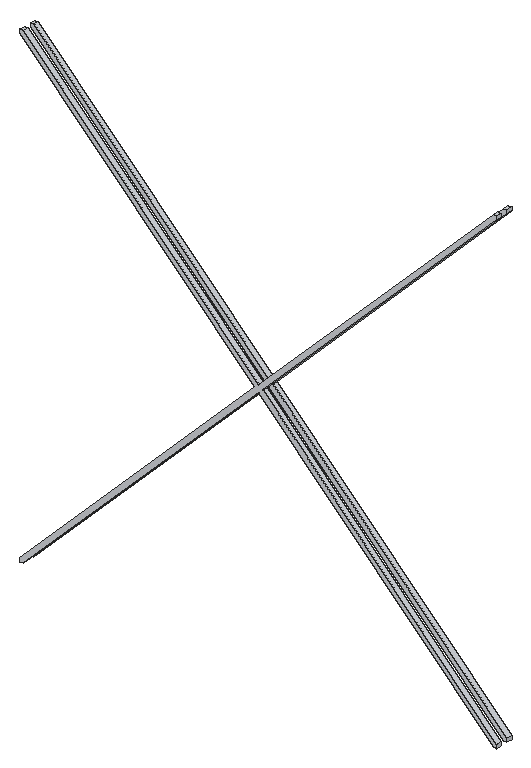
Revit family "M_Padrão do montante_diamante_1x1", category Modelos genéricos, Revit 2019
Family settings
  Pode hospedar o vergalhão = Não
  Cota do conector redondo = Utilizar diâmetro
  Tipo de parte = Normal
  Com base no plano de trabalho = Não
  Sempre na vertical = Sim
  Corte com vazios quando carregada = Não
  Compartilhado = Sim
  Ponto de cálculo do ambiente = Não
Parameters
  Largura [instance] = 1200 mm
  Espessura = 12.7 mm
  Altura [instance] = 1200 mm
  Material interior [instance] = none
  Distância = 19.05 mm
  Material externo [instance] = none
Reference planes
  plane 1 "Centro (Frente/Trás)": y = 0
  plane 2: z = 0
  plane 3 "Centro (Esquerda/Direita)": x = 0
  plane 4: z = 1200
  plane 5: x = -600
  plane 6: x = 600
  plane 7: z = 600
  plane 8: y = 9.525
  plane 9: y = -9.525
  plane 10: y = 22.225
  plane 11: y = -22.225
Forms (mm)
  Extrusion 1, solid, material <- "Material externo", detail levels fine
    sketch origin (-600, 0, 1200) x (0.707107, 0, -0.707107) y (0.707107, 0, 0.707107)
      loop
        line (0, 6.35) -> (0, -6.35) -> (1697.056, -6.35) -> (1697.056, 6.35) -> (0, 6.35)
    from -22.225 to -9.525
  Extrusion 2, solid, material <- "Material externo", detail levels fine
    sketch origin (600, 0, 1200) x (-0.707107, 0, -0.707107) y (0.707107, 0, -0.707107)
      loop
        line (1697.056, 6.35) -> (0, 6.35) -> (0, -6.35) -> (1697.056, -6.35) -> (1697.056, 6.35)
    from -22.225 to -9.525
  Extrusion 3, void
    sketch origin (0, 0, 0) x (1, 0, 0) y (0, 0, 1)
      loop
        line (-600, 1200) -> (-600, 0) -> (600, 0) -> (600, 1200) -> (-600, 1200)
      loop
        line (-612.7, 1212.7) -> (-612.7, -12.7) -> (612.7, -12.7) -> (612.7, 1212.7) -> (-612.7, 1212.7)
    from -22.225 to 22.225
  Extrusion 4, solid, material <- "Material interior", detail levels fine
    sketch origin (-600, 0, 1200) x (0.707107, 0, -0.707107) y (0.707107, 0, 0.707107)
      loop
        line (0, 6.35) -> (0, -6.35) -> (1697.056, -6.35) -> (1697.056, 6.35) -> (0, 6.35)
    from 9.525 to 22.225
  Extrusion 5, solid, material <- "Material interior", detail levels fine
    sketch origin (600, 0, 1200) x (-0.707107, 0, -0.707107) y (0.707107, 0, -0.707107)
      loop
        line (0, -6.35) -> (1697.056, -6.35) -> (1697.056, 6.35) -> (0, 6.35) -> (0, -6.35)
    from 9.525 to 22.225
Cuts and joins
  Extrusion 3 cuts Extrusion 1
  Extrusion 3 cuts Extrusion 2
  joined: Extrusion 1, Extrusion 2
  Extrusion 3 cuts Extrusion 4
  Extrusion 3 cuts Extrusion 5
  joined: Extrusion 4, Extrusion 5
Lines and regions (mm)
  reference lines
    curve 1: line (-600, 0, 1200) -> (600, 0, 0)
    curve 2: line (600, 0, 1200) -> (-600, 0, 0)
    curve 3: line (-600, 0, 1200) -> (-447.336, 0, 1352.664)
    curve 4: line (600, 0, 0) -> (793.076, 0, 193.076)
    curve 5: line (-529.006, 0, 1120.026) -> (416.643, 0, 174.377)
    curve 6: line (-520.026, 0, 1129.006) -> (425.623, 0, 183.357)
    curve 7: line (600, 0, 1200) -> (469.786, 0, 1330.214)
    curve 8: line (-600, 0, 0) -> (-707.763, 0, 107.763)
    curve 9: line (-595.51, 0, -4.49) -> (557.214, 0, 1148.233)
    curve 10: line (-604.49, 0, 4.49) -> (548.233, 0, 1157.214)
  model lines, detail levels medium
    curve 11: line (600, 9.525, 0) -> (-600, 9.525, 1200)
    curve 12: line (600, 9.525, 1200) -> (-600, 9.525, 0)
    curve 13: line (600, -9.525, 0) -> (-600, -9.525, 1200)
    curve 14: line (600, -9.525, 1200) -> (-600, -9.525, 0)
Dimensions and locks
  equal spacing: plane 6, plane 3 "Centro (Esquerda/Direita)", plane 5
  "Largura": plane 6 to plane 5
  "Altura": plane 4 to plane 2
  equal spacing: plane 4, plane 7, plane 2
  equal spacing: curve 5, curve 1, curve 6
  "Espessura": curve 5 to curve 6
  equal spacing: curve 9, curve 2, curve 10
  "Espessura": curve 9 to curve 10
  "Espessura": Extrusion 3 sketch curve to plane 6
  "Espessura": plane 2 to Extrusion 3 sketch curve
  "Espessura": plane 5 to Extrusion 3 sketch curve
  "Espessura": Extrusion 3 sketch curve to plane 4
  "Distância": plane 8 to plane 9
  equal spacing: plane 8, plane 1 "Centro (Frente/Trás)", plane 9
  "Espessura": plane 10 to plane 8
  "Espessura": plane 9 to plane 11
  locked: curve 1 to curve 3 (angle 90.00°)
  locked: curve 4 to curve 1 (angle 90.00°)
  locked: curve 7 to curve 2 (angle 90.00°)
  locked: curve 2 to curve 8 (angle 90.00°)
  aligned and locked: plane 2 to level
  aligned and locked: plane 4 to curve 1
  aligned and locked: plane 5 to curve 1
  aligned and locked: plane 2 to curve 2
  aligned and locked: plane 5 to curve 2
  aligned and locked: plane 6 to curve 1
  aligned and locked: plane 2 to curve 1
  aligned and locked: plane 6 to curve 2
  aligned and locked: plane 4 to curve 2
  aligned and locked: plane 4 to curve 3
  aligned and locked: plane 5 to curve 3
  aligned and locked: plane 6 to curve 4
  aligned and locked: plane 2 to curve 4
  aligned and locked: Extrusion 1 sketch curve to curve 5
  aligned and locked: Extrusion 1 sketch curve to curve 3
  aligned and locked: Extrusion 1 sketch curve to curve 6
  aligned and locked: curve 6 to Extrusion 1 sketch curve
  aligned and locked: curve 5 to Extrusion 1 sketch curve
  aligned and locked: Extrusion 1 sketch curve to curve 4
  aligned and locked: curve 4 to Extrusion 1 sketch curve
  aligned and locked: plane 5 to curve 8
  aligned and locked: plane 2 to curve 8
  aligned and locked: plane 6 to curve 7
  aligned and locked: plane 4 to curve 7
  aligned and locked: Extrusion 2 sketch curve to curve 10  (x2)
  aligned and locked: Extrusion 2 sketch curve to curve 8  (x2)
  aligned and locked: curve 9 to Extrusion 2 sketch curve  (x2)
  aligned and locked: curve 7 to Extrusion 2 sketch curve
  aligned and locked: plane 5 to Extrusion 3 sketch curve
  aligned and locked: Extrusion 3 sketch curve to plane 4
  aligned and locked: Extrusion 3 sketch curve to plane 6
  aligned and locked: plane 2 to Extrusion 3 sketch curve
  aligned and locked: plane 10 to cut or joined group of Extrusion 1, Extrusion 2, Extrusion 3  (x2)
  aligned and locked: cut or joined group of Extrusion 1, Extrusion 2, Extrusion 3 to plane 8  (x2)
  aligned and locked: plane 10 to Extrusion 3
  aligned and locked: Extrusion 3 to plane 11
  aligned and locked: curve 3 to Extrusion 4 sketch curve
  aligned and locked: Extrusion 4 sketch curve to curve 3
  aligned and locked: Extrusion 4 sketch curve to curve 6
  aligned and locked: Extrusion 4 sketch curve to curve 5
  aligned and locked: Extrusion 4 sketch curve to curve 4
  aligned and locked: curve 6 to Extrusion 4 sketch curve
  aligned and locked: curve 5 to Extrusion 4 sketch curve
  aligned and locked: Extrusion 5 sketch curve to curve 9
  aligned and locked: Extrusion 5 sketch curve to curve 10
  aligned and locked: Extrusion 5 sketch curve to curve 7  (x2)
  aligned and locked: Extrusion 5 sketch curve to curve 8  (x2)
  aligned and locked: curve 9 to Extrusion 5 sketch curve
  aligned and locked: curve 10 to Extrusion 5 sketch curve
  aligned and locked: Extrusion 4 to plane 11
  aligned and locked: Extrusion 5 to plane 11
  aligned and locked: plane 9 to Extrusion 4
  aligned and locked: plane 9 to Extrusion 5
  aligned and locked: plane 2 to curve 11
  aligned and locked: plane 6 to curve 11
  aligned and locked: plane 5 to curve 11
  aligned and locked: plane 4 to curve 11
  aligned and locked: plane 5 to curve 12
  aligned and locked: plane 2 to curve 12
  aligned and locked: plane 4 to curve 12
  aligned and locked: plane 6 to curve 12
  aligned and locked: plane 2 to curve 13
  aligned and locked: plane 6 to curve 13
  aligned and locked: plane 4 to curve 14
  aligned and locked: plane 6 to curve 14
  aligned and locked: plane 4 to curve 13
  aligned and locked: plane 5 to curve 13
  aligned and locked: plane 2 to curve 14
  aligned and locked: plane 5 to curve 14
Automatic sketch dimensions
  curve 1 to curve 6 = 106.751 mm
  curve 1 to curve 5 = 106.751 mm
  curve 5 to curve 1 = 252.956 mm
  curve 6 to curve 5 = 0 mm
  curve 2 to curve 9 = 0 mm
  curve 2 to curve 9 = 66.859 mm
  curve 2 to curve 10 = 66.859 mm
